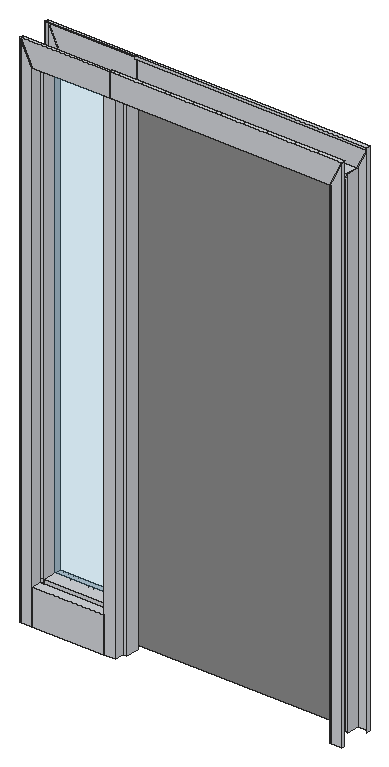
Revit family "Ext-F-MDMF-36 x 84-18 RSLT-4 Head", category Doors, host Wall, Revit 2014
Parameters (values of type "Ext-F-MDMF-36" x 84"-18"RSLT-4" Head")
  Width = Door Panel Width  # 3' - 0"
  Wall Thickness [instance] = 0' - 5 3/4"
  URL = ""
  Type Comments = "EXT,"
  Thickness = 0' - 1 3/4"
  Swing Angle [instance] = 90.00°
  Sidelite Width = P2 Width - 0' 2"  # 1' - 0"
  SDI Right Sidelite Width = Sidelite Width  # 1' - 0"
  SDI RO Spacing = 0' - 0"
  SDI Panel 1 Width = Leaf Width + 0' 0 3/16"  # 3' - 0"
  SDI No Panels = ""
  SDI HW Set [instance] = ""
  SDI HW Item LO-2 [instance] = ""
  SDI HW Item LO-1 [instance] = ""
  SDI HW Item KP-2 [instance] = ""
  SDI HW Item KP-1 [instance] = ""
  SDI HW Item HI-2 [instance] = ""
  SDI HW Item HI-1 [instance] = ""
  SDI HW Item HC-2 [instance] = ""
  SDI HW Item HC-1 [instance] = ""
  SDI HW Item ED-2 [instance] = ""
  SDI HW Item ED-1 [instance] = ""
  SDI HW Item DO-2 [instance] = ""
  SDI HW Item DO-1 [instance] = ""
  SDI HW Item CL-2 [instance] = ""
  SDI HW Item CL-1 [instance] = ""
  SDI Glass Material = Glass
  SDI Frame Type = "Right Sidelite"
  SDI Frame Sill Width = 0' - 6"
  SDI Frame Material Type = "Hollow Metal"
  SDI Frame Material = Paint - Generic - Prime
  SDI Frame Manufacturer = ""
  SDI Frame Jamb Width = 0' - 2"
  SDI Frame Head Width = 0' - 4"
  SDI Frame Finish Type = "Painted"
  SDI Frame Finish Color = "Prime"
  SDI Frame Depth [instance] = 0' - 5 3/4"
  SDI Family Version = "1.0"
  SDI Door Panel Type = "F"
  SDI Door Material Type = "Hollow Metal"
  SDI Door Material = Paint - Generic - Prime
  SDI Door Manufacturer = ""
  SDI Door Finish Type = "Painted"
  SDI Door Finish Color = "Prime"
  SDI Door Configuration = "SG"
  SDI Arch Frame Type [instance] = ""
  SDI Arch Frame Material Type [instance] = "HM"
  SDI Arch Door Panel Type [instance] = "F"
  SDI Arch Door Material Type [instance] = "HM"
  SDI Adjacent Wall Placement = 0' - 4"
  Rough Width = Frame Width - 0' 0" + 2 * SDI RO Spacing  # 4' - 6"
  Rough Height = Frame Height - 0' 0" + SDI RO Spacing  # 7' - 4"
  R1 Height = 7' - 2"
  P2 Width = 1' - 2"
  P1 Width = 3' - 2"
  Model = "Ext-F-MDMF-36\" x 84\"-18\"RSLT-4\" Head"
  Manufacturer = ""
  Leaf Width = P1 Width - 0' 2 3/16"  # 2' - 11 13/16"
  Height = Door Panel Height  # 7' - 0"
  Glass Offset [instance] = 0' 2 1/16" + (SDI Frame Depth - 0' 5 3/4") / 2  # 0' - 2 1/16"
  Function = Exterior
  Frame Width = P1 Width + P2 Width + 0' 2"  # 4' - 6"
  Frame Offset [instance] = if(Aligned Exterior, SDI Frame Depth / 2, if(Aligned Center, Wall Thickness / 2, if(Aligned Interior, Wall Thickness - SDI Frame Depth + SDI Frame Depth / 2, Aligned Other)))  # 0' - 2 7/8"
  Frame Height = R1 Height + 0' 2"  # 7' - 4"
  Fire Rating = ""
  Exterior Glazing [instance] = no
  Door Panel Width = P1 Width - 0' 2"  # 3' - 0"
  Door Panel Height = R1 Height + 0' 2" - (0' 4")  # 7' - 0"
  Door Offset [instance] = 0' 2 13/16" + (SDI Frame Depth - 0' 5 3/4") / 2  # 0' - 2 13/16"
  Description = "Hollow Metal Door with Hollow Metal Frame"
  Cost = 0
  Assembly Code = "B2030220"
  Analytic Construction = "<None>"
  Aligned Other [instance] = 0' - 0"
  Aligned Interior [instance] = no
  Aligned Exterior [instance] = yes
  Aligned Center [instance] = no
  ADA Clearance Lines = no
Reference planes (in)
  plane 1: y = 0
  plane 2 "Center (Left/Right)": x = 0
  plane 3 "Wall Edge": y = 2.875
  plane 4 "Wall Interior": y = -2.875
  plane 5 "ModelRefLevel": z = 0
  plane 6 "FrameDepthPlane": y = 0
  plane 7 "FrameFront": y = 2.875
  plane 8 "FrameBack": y = -2.875
  plane 9 "V0": x = 26
  plane 10 "V1": x = -12
  plane 11 "V2": x = -26
  plane 12 "H0": z = 1
  plane 13 "H1": z = 87
  plane 14 "InTermLeftJamb0": x = 25
  plane 15 "OutTermLeftJamb0": x = 27
  plane 16 "OutsideJamb1": x = -13
  plane 17 "InsideJamb1": x = -11
  plane 18 "InTermRightJamb2": x = -25
  plane 19 "OutTermRightJamb2": x = -27
  plane 20 "D0.151041666666667": y = 1.0625
  plane 21 "D0.109375": y = 1.5625
  plane 22 "DoorLeft": x = 25
  plane 23 "DoorRight": x = -11
  plane 24 "DoorCenter": x = 7
  plane 25 "DoorTop": z = 83.875
  plane 26 "DoorCenterTB": z = 41.9375
  plane 27 "DoorExtFace": y = 2.8125
  plane 28 "DoorGlassFace": y = 2.0625
  plane 29 "LockCenterLine": z = 41.3125
  plane 30 "ActDoorLeft": x = 24.90625
  plane 31 "SwingClrPlane": y = 62.875
  plane 32 "SwingPartialPlane": y = 50.875
  plane 33 "LeftAdjWall": x = 31
Forms (in)
  Extrusion 1, solid
    sketch origin (145.6875, 0, 44) x (-1, 0, 0) y (0, -1, 0)
      loop
        line (118.6875, -2.375) -> (118.6875, -2.875) -> (120.6875, -2.875) -> (120.6875, -0.9375) -> (121.3125, -0.9375) -> (121.3125, 1.3125) -> (120.6875, 1.3125) -> (120.6875, 2.875) -> (118.6875, 2.875) -> (118.6875, 2.4375) -> (118.75, 2.4375) -> (118.75, 2.8125) -> (120.625, 2.8125) -> (120.625, 1.25) -> (121.25, 1.25) -> (121.25, -0.875) -> (120.625, -0.875) -> (120.625, -2.8125) -> (118.75, -2.8125) -> (118.75, -2.375) -> (118.6875, -2.375)
    from -44 to 44
  Extrusion 2, void
    sketch origin (0, 2.875, 0) x (1, 0, 0) y (0, 0, 1)
      loop
        line (27, 88) -> (24.375, 88) -> (24.375, 82.75) -> (27, 88)
    from -12 to 12
  Extrusion 3, solid
    sketch origin (108, 0, 42) x (-1, 0, 0) y (0, -1, 0)
      loop
        line (121, -0.9375) -> (121.625, -0.9375) -> (121.625, 1.3125) -> (121, 1.3125) -> (121, 2.875) -> (119, 2.875) -> (119, 1.3125) -> (118.375, 1.3125) -> (118.375, -0.9375) -> (119, -0.9375) -> (119, -2.875) -> (121, -2.875) -> (121, -0.9375)
      loop
        line (120.9375, -0.875) -> (121.5625, -0.875) -> (121.5625, 1.25) -> (120.9375, 1.25) -> (120.9375, 2.8125) -> (119.0625, 2.8125) -> (119.0625, 1.25) -> (118.4375, 1.25) -> (118.4375, -0.875) -> (119.0625, -0.875) -> (119.0625, -2.8125) -> (120.9375, -2.8125) -> (120.9375, -0.875)
    from -42 to 42
  Extrusion 4, solid
    sketch origin (94.3125, 0, 44) x (-1, 0, 0) y (0, -1, 0)
      loop
        line (121.25, -2.375) -> (121.25, -2.8125) -> (119.375, -2.8125) -> (119.375, -0.875) -> (118.75, -0.875) -> (118.75, 1.25) -> (119.375, 1.25) -> (119.375, 2.8125) -> (121.25, 2.8125) -> (121.25, 2.4375) -> (121.3125, 2.4375) -> (121.3125, 2.875) -> (119.3125, 2.875) -> (119.3125, 1.3125) -> (118.6875, 1.3125) -> (118.6875, -0.9375) -> (119.3125, -0.9375) -> (119.3125, -2.875) -> (121.3125, -2.875) -> (121.3125, -2.375) -> (121.25, -2.375)
    from -44 to 44
  Extrusion 5, void
    sketch origin (0, 2.875, 0) x (1, 0, 0) y (0, 0, 1)
      loop
        line (-27, 88) -> (-24.375, 82.75) -> (-24.375, 88) -> (-27, 88)
    from -12 to 12
  Extrusion 6, solid
    sketch origin (-19, 0, 3.3125) x (0, 1, 0) y (0, 0, 1)
      loop
        line (2.375, -3.3125) -> (2.875, -3.3125) -> (2.875, 2.6875) -> (0.9375, 2.6875) -> (0.9375, 3.3125) -> (-1.3125, 3.3125) -> (-1.3125, 2.6875) -> (-2.875, 2.6875) -> (-2.875, -3.3125) -> (-2.4375, -3.3125) -> (-2.4375, -3.25) -> (-2.8125, -3.25) -> (-2.8125, 2.625) -> (-1.25, 2.625) -> (-1.25, 3.25) -> (0.875, 3.25) -> (0.875, 2.625) -> (2.8125, 2.625) -> (2.8125, -3.25) -> (2.375, -3.25) -> (2.375, -3.3125)
    from -6 to 6
  Extrusion 7, solid
    sketch origin (7.5, 0, 85.6875) x (0, 1, 0) y (0, 0, 1)
      loop
        line (2.4375, 1.9375) -> (2.4375, 2.25) -> (2.8125, 2.25) -> (2.8125, -1.625) -> (0.875, -1.625) -> (0.875, -2.25) -> (-1.25, -2.25) -> (-1.25, -1.625) -> (-2.8125, -1.625) -> (-2.8125, 2.25) -> (-2.4375, 2.25) -> (-2.4375, 1.9375) -> (-2.375, 1.9375) -> (-2.375, 2.3125) -> (-2.875, 2.3125) -> (-2.875, -1.6875) -> (-1.3125, -1.6875) -> (-1.3125, -2.3125) -> (0.9375, -2.3125) -> (0.9375, -1.6875) -> (2.875, -1.6875) -> (2.875, 2.3125) -> (2.375, 2.3125) -> (2.375, 1.9375) -> (2.4375, 1.9375)
    from -19.5 to 19.5
  Extrusion 8, void
    sketch origin (0, 2.875, 0) x (1, 0, 0) y (0, 0, 1)
      loop
        line (27, 88) -> (24.6875, 83.375) -> (27, 83.375) -> (27, 88)
    from -12 to 12
  Extrusion 9, solid
    sketch origin (-19.5, 0, 85.6875) x (0, 1, 0) y (0, 0, 1)
      loop
        line (2.375, 2.25) -> (2.8125, 2.25) -> (2.8125, -1.625) -> (0.875, -1.625) -> (0.875, -2.25) -> (-1.25, -2.25) -> (-1.25, -1.625) -> (-2.8125, -1.625) -> (-2.8125, 2.25) -> (-2.4375, 2.25) -> (-2.4375, 2.3125) -> (-2.875, 2.3125) -> (-2.875, -1.6875) -> (-1.3125, -1.6875) -> (-1.3125, -2.3125) -> (0.9375, -2.3125) -> (0.9375, -1.6875) -> (2.875, -1.6875) -> (2.875, 2.3125) -> (2.375, 2.3125) -> (2.375, 2.25)
    from -7.5 to 7.5
  Extrusion 10, void
    sketch origin (0, 2.875, 0) x (1, 0, 0) y (0, 0, 1)
      loop
        line (-27, 88) -> (-27, 83.375) -> (-24.6875, 83.375) -> (-27, 88)
    from -12 to 12
  Extrusion 11, solid, material "Glass" <- "SDI Glass Material"
    sketch origin (-60, 1.0625, -12) x (1, 0, 0) y (0, 0, 1)
      loop
        line (47, 18) -> (47, 96) -> (35, 96) -> (35, 18) -> (47, 18)
    from -0.125 to 0.125
  Extrusion 12, solid, material "Glass" <- "SDI Glass Material", visible <- "Exterior Glazing"
    sketch origin (-60, 1.5625, -12) x (1, 0, 0) y (0, 0, 1)
      loop
        line (47, 18) -> (47, 96) -> (35, 96) -> (35, 18) -> (47, 18)
    from -0.125 to 0.125
  Extrusion 13, solid, material "Paint - Generic - Prime" <- "SDI Door Material"
    sketch origin (-60, 2.8125, -12) x (1, 0, 0) y (0, 0, 1)
      loop
        line (84.90625, 12.625) -> (84.90625, 95.875) -> (49.09375, 95.875) -> (49.09375, 12.625) -> (84.90625, 12.625)
    from 0 to 1.75
Cuts and joins
  Extrusion 2 cuts Extrusion 1
  Extrusion 5 cuts Extrusion 4
  Extrusion 8 cuts Extrusion 7
  Extrusion 10 cuts Extrusion 9
Lines and regions (in)
  Opening 1
    outline origin (-60, -2.875, 0) x (1, 0, 0) y (0, 0, 1)
      loop
        line (87, 0) -> (87, 88) -> (33, 88) -> (33, 0) -> (87, 0)
  symbolic lines, style "DoorsFrameMullionProjection", detail levels fine
    curve 1: line (27, 2.375, 0) -> (27, 2.875, 0)
    curve 2: line (27, 2.875, 0) -> (25, 2.875, 0)
    curve 3: line (25, 2.875, 0) -> (25, 0.9375, 0)
    curve 4: line (25, 0.9375, 0) -> (24.375, 0.9375, 0)
    curve 5: line (24.375, 0.9375, 0) -> (24.375, -1.3125, 0)
    curve 6: line (24.375, -1.3125, 0) -> (25, -1.3125, 0)
    curve 7: line (25, -1.3125, 0) -> (25, -2.875, 0)
    curve 8: line (25, -2.875, 0) -> (27, -2.875, 0)
    curve 9: line (27, -2.875, 0) -> (27, -2.4375, 0)
    curve 10: line (27, -2.4375, 0) -> (26.9375, -2.4375, 0)
    curve 11: line (26.9375, -2.4375, 0) -> (26.9375, -2.8125, 0)
    curve 12: line (26.9375, -2.8125, 0) -> (25.0625, -2.8125, 0)
    curve 13: line (25.0625, -2.8125, 0) -> (25.0625, -1.25, 0)
    curve 14: line (25.0625, -1.25, 0) -> (24.4375, -1.25, 0)
    curve 15: line (24.4375, -1.25, 0) -> (24.4375, 0.875, 0)
    curve 16: line (24.4375, 0.875, 0) -> (25.0625, 0.875, 0)
    curve 17: line (25.0625, 0.875, 0) -> (25.0625, 2.8125, 0)
    curve 18: line (25.0625, 2.8125, 0) -> (26.9375, 2.8125, 0)
    curve 19: line (26.9375, 2.8125, 0) -> (26.9375, 2.375, 0)
    curve 20: line (26.9375, 2.375, 0) -> (27, 2.375, 0)
    curve 25: line (-13, 0.9375, 0) -> (-13.625, 0.9375, 0)
    curve 26: line (-13.625, 0.9375, 0) -> (-13.625, -1.3125, 0)
    curve 27: line (-13.625, -1.3125, 0) -> (-13, -1.3125, 0)
    curve 28: line (-13, -1.3125, 0) -> (-13, -2.875, 0)
    curve 29: line (-13, -2.875, 0) -> (-11, -2.875, 0)
    curve 30: line (-11, -2.875, 0) -> (-11, -1.3125, 0)
    curve 31: line (-11, -1.3125, 0) -> (-10.375, -1.3125, 0)
    curve 32: line (-10.375, -1.3125, 0) -> (-10.375, 0.9375, 0)
    curve 33: line (-10.375, 0.9375, 0) -> (-11, 0.9375, 0)
    curve 34: line (-11, 0.9375, 0) -> (-11, 2.875, 0)
    curve 35: line (-11, 2.875, 0) -> (-13, 2.875, 0)
    curve 36: line (-13, 2.875, 0) -> (-13, 0.9375, 0)
    curve 37: line (-12.9375, 0.875, 0) -> (-13.5625, 0.875, 0)
    curve 38: line (-13.5625, 0.875, 0) -> (-13.5625, -1.25, 0)
    curve 39: line (-13.5625, -1.25, 0) -> (-12.9375, -1.25, 0)
    curve 40: line (-12.9375, -1.25, 0) -> (-12.9375, -2.8125, 0)
    curve 41: line (-12.9375, -2.8125, 0) -> (-11.0625, -2.8125, 0)
    curve 42: line (-11.0625, -2.8125, 0) -> (-11.0625, -1.25, 0)
    curve 43: line (-11.0625, -1.25, 0) -> (-10.4375, -1.25, 0)
    curve 44: line (-10.4375, -1.25, 0) -> (-10.4375, 0.875, 0)
    curve 45: line (-10.4375, 0.875, 0) -> (-11.0625, 0.875, 0)
    curve 46: line (-11.0625, 0.875, 0) -> (-11.0625, 2.8125, 0)
    curve 47: line (-11.0625, 2.8125, 0) -> (-12.9375, 2.8125, 0)
    curve 48: line (-12.9375, 2.8125, 0) -> (-12.9375, 0.875, 0)
    curve 53: line (-26.9375, 2.375, 0) -> (-26.9375, 2.8125, 0)
    curve 54: line (-26.9375, 2.8125, 0) -> (-25.0625, 2.8125, 0)
    curve 55: line (-25.0625, 2.8125, 0) -> (-25.0625, 0.875, 0)
    curve 56: line (-25.0625, 0.875, 0) -> (-24.4375, 0.875, 0)
    curve 57: line (-24.4375, 0.875, 0) -> (-24.4375, -1.25, 0)
    curve 58: line (-24.4375, -1.25, 0) -> (-25.0625, -1.25, 0)
    curve 59: line (-25.0625, -1.25, 0) -> (-25.0625, -2.8125, 0)
    curve 60: line (-25.0625, -2.8125, 0) -> (-26.9375, -2.8125, 0)
    curve 61: line (-26.9375, -2.8125, 0) -> (-26.9375, -2.4375, 0)
    curve 62: line (-26.9375, -2.4375, 0) -> (-27, -2.4375, 0)
    curve 63: line (-27, -2.4375, 0) -> (-27, -2.875, 0)
    curve 64: line (-27, -2.875, 0) -> (-25, -2.875, 0)
    curve 65: line (-25, -2.875, 0) -> (-25, -1.3125, 0)
    curve 66: line (-25, -1.3125, 0) -> (-24.375, -1.3125, 0)
    curve 67: line (-24.375, -1.3125, 0) -> (-24.375, 0.9375, 0)
    curve 68: line (-24.375, 0.9375, 0) -> (-25, 0.9375, 0)
    curve 69: line (-25, 0.9375, 0) -> (-25, 2.875, 0)
    curve 70: line (-25, 2.875, 0) -> (-27, 2.875, 0)
    curve 71: line (-27, 2.875, 0) -> (-27, 2.375, 0)
    curve 72: line (-27, 2.375, 0) -> (-26.9375, 2.375, 0)
  symbolic lines, style "DoorsFrameMullionProjection", detail levels coarse+medium
    curve 21: line (25, -2.875, 0) -> (27, -2.875, 0)
    curve 22: line (25, 2.875, 0) -> (27, 2.875, 0)
    curve 23: line (25, -2.875, 0) -> (25, 2.875, 0)
    curve 24: line (27, -2.875, 0) -> (27, 2.875, 0)
    curve 49: line (-13, -2.875, 0) -> (-11, -2.875, 0)
    curve 50: line (-13, 2.875, 0) -> (-11, 2.875, 0)
    curve 51: line (-13, -2.875, 0) -> (-13, 2.875, 0)
    curve 52: line (-11, -2.875, 0) -> (-11, 2.875, 0)
    curve 73: line (-27, -2.875, 0) -> (-25, -2.875, 0)
    curve 74: line (-27, 2.875, 0) -> (-25, 2.875, 0)
    curve 75: line (-27, -2.875, 0) -> (-27, 2.875, 0)
    curve 76: line (-25, -2.875, 0) -> (-25, 2.875, 0)
  symbolic lines, style "Elevation Swing"
    curve 77: line (-10.90625, 2.875, 83.875) -> (24.90625, 2.875, 41.9375)
    curve 78: line (-10.90625, 2.875, 0) -> (24.90625, 2.875, 41.9375)
  symbolic lines, style "ADA Clearance", visible <- "ADA Clearance Lines"
    curve 79: line (27, 2.875, 0) -> (27, 62.875, 0)
    curve 80: line (-29, 62.875, 0) -> (27, 62.875, 0)
    curve 81: line (-29, 50.875, 0) -> (27, 50.875, 0)
    curve 82: line (-29, 2.875, 0) -> (-29, 62.875, 0)
    curve 83: line (27, -2.875, 0) -> (27, -50.875, 0)
    curve 84: line (-23, -50.875, 0) -> (27, -50.875, 0)
    curve 85: line (-23, -2.875, 0) -> (-23, -50.875, 0)
Text (in)
  text "Placement Side" at (0, 40.15149, 123.01588), in view "Right"
  text "Placement Side" at (-70.3804, 28.46503, 0), in view "Ref. Level"
  text "Placement Side" at (0, 81.62555, 140.59947), in view "Left"
Dimensions and locks (in)
  locked: plane 3 "Wall Edge" to host wall
  equal spacing: host wall, plane 2 "Center (Left/Right)", host wall
  "Rough Width": host wall to host wall
  "Rough Height": level to host wall
  equal spacing: plane 3 "Wall Edge", plane 1, plane 4 "Wall Interior"
  "Wall Thickness": host wall to host wall
  "Frame Offset": plane 3 "Wall Edge" to plane 6 "FrameDepthPlane"
  equal spacing: plane 7 "FrameFront", plane 6 "FrameDepthPlane", plane 8 "FrameBack"
  "SDI Frame Depth": plane 7 "FrameFront" to plane 8 "FrameBack"
  equal spacing: plane 9 "V0", plane 2 "Center (Left/Right)", plane 11 "V2"
  "P1 Width": plane 9 "V0" to plane 10 "V1"
  "P2 Width": plane 10 "V1" to plane 11 "V2"
  "R1 Height": plane 12 "H0" to plane 13 "H1"
  locked: plane 13 "H1" to Extrusion 1 at 1
  locked: plane 12 "H0" to Extrusion 1 at 1
  locked: plane 9 "V0" to Extrusion 1 at 1  (x4)
  locked: plane 9 "V0" to Extrusion 1 at 0.9375  (x5)
  locked: plane 9 "V0" to Extrusion 1 at 1.5625
  locked: plane 9 "V0" to Extrusion 1 at 1.625
  locked: plane 9 "V0" to curve 1 at 1
  locked: plane 9 "V0" to curve 2 at 1
  locked: plane 9 "V0" to curve 3 at 1
  locked: plane 9 "V0" to curve 4 at 1
  locked: plane 9 "V0" to curve 5 at 1.625
  locked: plane 9 "V0" to curve 6 at 1.625
  locked: plane 9 "V0" to curve 7 at 1
  locked: plane 9 "V0" to curve 8 at 1
  locked: plane 9 "V0" to curve 9 at 1
  locked: plane 9 "V0" to curve 10 at 1
  locked: plane 9 "V0" to curve 11 at 0.9375
  locked: plane 9 "V0" to curve 12 at 0.9375
  locked: plane 9 "V0" to curve 13 at 0.9375
  locked: plane 9 "V0" to curve 14 at 0.9375
  locked: plane 9 "V0" to curve 15 at 1.5625
  locked: plane 9 "V0" to curve 16 at 1.5625
  locked: plane 9 "V0" to curve 17 at 0.9375
  locked: plane 9 "V0" to curve 18 at 0.9375
  locked: plane 9 "V0" to curve 19 at 0.9375
  locked: plane 9 "V0" to curve 20 at 0.9375
  locked: plane 9 "V0" to plane 15 "OutTermLeftJamb0" at 1
  locked: plane 9 "V0" to plane 14 "InTermLeftJamb0" at 1
  locked: plane 9 "V0" to curve 21 at 1
  locked: plane 9 "V0" to curve 22 at 1
  locked: plane 9 "V0" to curve 23 at 1
  locked: plane 9 "V0" to curve 24 at 1
  locked: plane 13 "H1" to Extrusion 3 at 3
  locked: plane 12 "H0" to Extrusion 3 at 1
  locked: plane 10 "V1" to Extrusion 3 at 1  (x5)
  locked: plane 10 "V1" to Extrusion 3 at 1.625  (x2)
  locked: plane 10 "V1" to Extrusion 3 at 1.5625  (x2)
  locked: plane 10 "V1" to Extrusion 3 at 0.9375  (x4)
  locked: plane 10 "V1" to curve 25 at 1
  locked: plane 10 "V1" to curve 26 at 1.625
  locked: plane 10 "V1" to curve 27 at 1.625
  locked: plane 10 "V1" to curve 28 at 1
  locked: plane 10 "V1" to curve 29 at 1
  locked: plane 10 "V1" to curve 30 at 1
  locked: plane 10 "V1" to curve 31 at 1
  locked: plane 10 "V1" to curve 32 at 1.625
  locked: plane 10 "V1" to curve 33 at 1.625
  locked: plane 10 "V1" to curve 34 at 1
  locked: plane 10 "V1" to curve 35 at 1
  locked: plane 10 "V1" to curve 36 at 1
  locked: plane 10 "V1" to curve 37 at 0.9375
  locked: plane 10 "V1" to curve 38 at 1.5625
  locked: plane 10 "V1" to curve 39 at 1.5625
  locked: plane 10 "V1" to curve 40 at 0.9375
  locked: plane 10 "V1" to curve 41 at 0.9375
  locked: plane 10 "V1" to curve 42 at 0.9375
  locked: plane 10 "V1" to curve 43 at 0.9375
  locked: plane 10 "V1" to curve 44 at 1.5625
  locked: plane 10 "V1" to curve 45 at 1.5625
  locked: plane 10 "V1" to curve 46 at 0.9375
  locked: plane 10 "V1" to curve 47 at 0.9375
  locked: plane 10 "V1" to curve 48 at 0.9375
  locked: plane 10 "V1" to plane 16 "OutsideJamb1" at 1
  locked: plane 10 "V1" to plane 17 "InsideJamb1" at 1
  locked: plane 10 "V1" to curve 49 at 1
  locked: plane 10 "V1" to curve 50 at 1
  locked: plane 10 "V1" to curve 51 at 1
  locked: plane 10 "V1" to curve 52 at 1
  locked: plane 13 "H1" to Extrusion 4 at 1
  locked: plane 12 "H0" to Extrusion 4 at 1
  locked: plane 11 "V2" to Extrusion 4 at 0.9375  (x4)
  locked: plane 11 "V2" to Extrusion 4 at 1  (x5)
  locked: plane 11 "V2" to Extrusion 4 at 1.625
  locked: plane 11 "V2" to Extrusion 4 at 1.5625
  locked: plane 11 "V2" to curve 53 at 0.9375
  locked: plane 11 "V2" to curve 54 at 0.9375
  locked: plane 11 "V2" to curve 55 at 0.9375
  locked: plane 11 "V2" to curve 56 at 0.9375
  locked: plane 11 "V2" to curve 57 at 1.5625
  locked: plane 11 "V2" to curve 58 at 1.5625
  locked: plane 11 "V2" to curve 59 at 0.9375
  locked: plane 11 "V2" to curve 60 at 0.9375
  locked: plane 11 "V2" to curve 61 at 0.9375
  locked: plane 11 "V2" to curve 62 at 0.9375
  locked: plane 11 "V2" to curve 63 at 1
  locked: plane 11 "V2" to curve 64 at 1
  locked: plane 11 "V2" to curve 65 at 1
  locked: plane 11 "V2" to curve 66 at 1
  locked: plane 11 "V2" to curve 67 at 1.625
  locked: plane 11 "V2" to curve 68 at 1.625
  locked: plane 11 "V2" to curve 69 at 1
  locked: plane 11 "V2" to curve 70 at 1
  locked: plane 11 "V2" to curve 71 at 1
  locked: plane 11 "V2" to curve 72 at 1
  locked: plane 11 "V2" to plane 18 "InTermRightJamb2" at 1
  locked: plane 11 "V2" to plane 19 "OutTermRightJamb2" at 1
  locked: plane 11 "V2" to curve 73 at 1
  locked: plane 11 "V2" to curve 74 at 1
  locked: plane 11 "V2" to curve 75 at 1
  locked: plane 11 "V2" to curve 76 at 1
  locked: plane 10 "V1" to Extrusion 6 at 1
  locked: plane 11 "V2" to Extrusion 6 at 1
  locked: plane 12 "H0" to Extrusion 6 at 5  (x2)
  locked: plane 12 "H0" to Extrusion 6 at 5.625
  locked: plane 12 "H0" to Extrusion 6 at 0.9375  (x2)
  locked: plane 12 "H0" to Extrusion 6 at 1  (x3)
  locked: plane 12 "H0" to Extrusion 6 at 4.9375  (x2)
  locked: plane 12 "H0" to Extrusion 6 at 5.5625
  locked: plane 9 "V0" to Extrusion 7 at 1
  locked: plane 13 "H1" to Extrusion 7 at 2.9375  (x2)
  locked: plane 13 "H1" to Extrusion 7 at 3.5625
  locked: plane 13 "H1" to Extrusion 7 at 1  (x2)
  locked: plane 13 "H1" to Extrusion 7 at 0.9375  (x3)
  locked: plane 13 "H1" to Extrusion 7 at 0.625  (x2)
  locked: plane 13 "H1" to Extrusion 7 at 3  (x2)
  locked: plane 13 "H1" to Extrusion 7 at 3.625
  locked: plane 11 "V2" to Extrusion 9 at 1
  locked: plane 13 "H1" to Extrusion 9 at 2.9375  (x2)
  locked: plane 13 "H1" to Extrusion 9 at 3.5625
  locked: plane 13 "H1" to Extrusion 9 at 1  (x2)
  locked: plane 13 "H1" to Extrusion 9 at 0.9375  (x3)
  locked: plane 13 "H1" to Extrusion 9 at 3  (x2)
  locked: plane 13 "H1" to Extrusion 9 at 3.625
  locked: plane 7 "FrameFront" to cut or joined group of Extrusion 1, Extrusion 2 at 1.9375
  locked: plane 7 "FrameFront" to cut or joined group of Extrusion 1, Extrusion 2 at 2
  locked: plane 7 "FrameFront" to cut or joined group of Extrusion 1, Extrusion 2 at 0.0625
  locked: plane 7 "FrameFront" to cut or joined group of Extrusion 1, Extrusion 2 at 0.5
  locked: plane 8 "FrameBack" to cut or joined group of Extrusion 1, Extrusion 2 at 1.5625
  locked: plane 8 "FrameBack" to cut or joined group of Extrusion 1, Extrusion 2 at 0.4375
  locked: plane 8 "FrameBack" to cut or joined group of Extrusion 1, Extrusion 2 at 0.0625
  locked: plane 8 "FrameBack" to cut or joined group of Extrusion 1, Extrusion 2 at 1.625
  locked: plane 7 "FrameFront" to Extrusion 3 at 1.9375  (x2)
  locked: plane 7 "FrameFront" to Extrusion 3 at 2  (x2)
  locked: plane 7 "FrameFront" to Extrusion 3 at 0.0625
  locked: plane 8 "FrameBack" to Extrusion 3 at 1.5625  (x2)
  locked: plane 8 "FrameBack" to Extrusion 3 at 1.625  (x2)
  locked: plane 8 "FrameBack" to Extrusion 3 at 0.0625
  locked: plane 7 "FrameFront" to cut or joined group of Extrusion 4, Extrusion 5 at 0.0625
  locked: plane 7 "FrameFront" to cut or joined group of Extrusion 4, Extrusion 5 at 2
  locked: plane 7 "FrameFront" to cut or joined group of Extrusion 4, Extrusion 5 at 1.9375
  locked: plane 7 "FrameFront" to cut or joined group of Extrusion 4, Extrusion 5 at 0.5
  locked: plane 8 "FrameBack" to cut or joined group of Extrusion 4, Extrusion 5 at 1.625
  locked: plane 8 "FrameBack" to cut or joined group of Extrusion 4, Extrusion 5 at 0.0625
  locked: plane 8 "FrameBack" to cut or joined group of Extrusion 4, Extrusion 5 at 0.4375
  locked: plane 8 "FrameBack" to cut or joined group of Extrusion 4, Extrusion 5 at 1.5625
  locked: plane 7 "FrameFront" to Extrusion 6 at 1.9375
  locked: plane 7 "FrameFront" to Extrusion 6 at 2
  locked: plane 7 "FrameFront" to Extrusion 6 at 0.0625
  locked: plane 7 "FrameFront" to Extrusion 6 at 0.5
  locked: plane 8 "FrameBack" to Extrusion 6 at 1.5625
  locked: plane 8 "FrameBack" to Extrusion 6 at 0.4375
  locked: plane 8 "FrameBack" to Extrusion 6 at 0.0625
  locked: plane 8 "FrameBack" to Extrusion 6 at 1.625
  locked: plane 7 "FrameFront" to cut or joined group of Extrusion 7, Extrusion 8 at 0.0625
  locked: plane 7 "FrameFront" to cut or joined group of Extrusion 7, Extrusion 8 at 2
  locked: plane 7 "FrameFront" to cut or joined group of Extrusion 7, Extrusion 8 at 1.9375
  locked: plane 7 "FrameFront" to cut or joined group of Extrusion 7, Extrusion 8 at 0.5
  locked: plane 7 "FrameFront" to cut or joined group of Extrusion 7, Extrusion 8 at 0.4375
  locked: plane 8 "FrameBack" to cut or joined group of Extrusion 7, Extrusion 8 at 1.625
  locked: plane 8 "FrameBack" to cut or joined group of Extrusion 7, Extrusion 8 at 0.0625
  locked: plane 8 "FrameBack" to cut or joined group of Extrusion 7, Extrusion 8 at 0.4375
  locked: plane 8 "FrameBack" to cut or joined group of Extrusion 7, Extrusion 8 at 0.5
  locked: plane 8 "FrameBack" to cut or joined group of Extrusion 7, Extrusion 8 at 1.5625
  locked: plane 7 "FrameFront" to cut or joined group of Extrusion 9, Extrusion 10 at 0.0625
  locked: plane 7 "FrameFront" to cut or joined group of Extrusion 9, Extrusion 10 at 2
  locked: plane 7 "FrameFront" to cut or joined group of Extrusion 9, Extrusion 10 at 1.9375
  locked: plane 7 "FrameFront" to cut or joined group of Extrusion 9, Extrusion 10 at 0.5
  locked: plane 8 "FrameBack" to cut or joined group of Extrusion 9, Extrusion 10 at 1.625
  locked: plane 8 "FrameBack" to cut or joined group of Extrusion 9, Extrusion 10 at 0.0625
  locked: plane 8 "FrameBack" to cut or joined group of Extrusion 9, Extrusion 10 at 0.4375
  locked: plane 8 "FrameBack" to cut or joined group of Extrusion 9, Extrusion 10 at 1.5625
  locked: plane 7 "FrameFront" to curve 4 at 1.9375
  locked: plane 7 "FrameFront" to curve 16 at 2
  locked: plane 7 "FrameFront" to curve 18 at 0.0625
  locked: plane 7 "FrameFront" to curve 20 at 0.5
  locked: plane 7 "FrameFront" to curve 25 at 1.9375
  locked: plane 7 "FrameFront" to curve 33 at 1.9375
  locked: plane 7 "FrameFront" to curve 37 at 2
  locked: plane 7 "FrameFront" to curve 45 at 2
  locked: plane 7 "FrameFront" to curve 47 at 0.0625
  locked: plane 7 "FrameFront" to curve 54 at 0.0625
  locked: plane 7 "FrameFront" to curve 56 at 2
  locked: plane 7 "FrameFront" to curve 68 at 1.9375
  locked: plane 7 "FrameFront" to curve 72 at 0.5
  locked: plane 8 "FrameBack" to curve 6 at 1.5625
  locked: plane 8 "FrameBack" to curve 10 at 0.4375
  locked: plane 8 "FrameBack" to curve 12 at 0.0625
  locked: plane 8 "FrameBack" to curve 14 at 1.625
  locked: plane 8 "FrameBack" to curve 27 at 1.5625
  locked: plane 8 "FrameBack" to curve 31 at 1.5625
  locked: plane 8 "FrameBack" to curve 39 at 1.625
  locked: plane 8 "FrameBack" to curve 41 at 0.0625
  locked: plane 8 "FrameBack" to curve 43 at 1.625
  locked: plane 8 "FrameBack" to curve 58 at 1.625
  locked: plane 8 "FrameBack" to curve 60 at 0.0625
  locked: plane 8 "FrameBack" to curve 62 at 0.4375
  locked: plane 8 "FrameBack" to curve 66 at 1.5625
  locked: plane 7 "FrameFront" to Extrusion 11 at 1.9375
  locked: plane 7 "FrameFront" to Extrusion 11 at 1.6875
  locked: plane 7 "FrameFront" to Extrusion 12 at 1.4375
  locked: plane 7 "FrameFront" to Extrusion 12 at 1.1875
  locked: plane 9 "V0" to plane 22 "DoorLeft" at 1
  locked: plane 10 "V1" to plane 23 "DoorRight" at 1
  locked: plane 13 "H1" to plane 25 "DoorTop" at 3.125
  equal spacing: plane 25 "DoorTop", plane 26 "DoorCenterTB", plane 5 "ModelRefLevel"
  "Door Offset": plane 6 "FrameDepthPlane" to plane 27 "DoorExtFace"
  "Glass Offset": plane 6 "FrameDepthPlane" to plane 28 "DoorGlassFace"
  locked: plane 29 "LockCenterLine" to plane 5 "ModelRefLevel" at 41.3125
  locked: Extrusion 13 to Extrusion 13 at 1.75
  locked: plane 22 "DoorLeft" to Extrusion 13 at 0.09375
  locked: plane 23 "DoorRight" to Extrusion 13 at 0.09375
  locked: plane 5 "ModelRefLevel" to Extrusion 13 at 0.625
  locked: plane 22 "DoorLeft" to plane 30 "ActDoorLeft" at 0.09375
  locked: plane 3 "Wall Edge" to plane 31 "SwingClrPlane" at 60
  locked: plane 3 "Wall Edge" to plane 32 "SwingPartialPlane" at 48
  "SDI Adjacent Wall Placement": plane 15 "OutTermLeftJamb0" to plane 33 "LeftAdjWall"
  aligned and locked: plane 4 "Wall Interior" to host wall
  aligned and locked: Extrusion 7 to plane 10 "V1"
  aligned and locked: plane 10 "V1" to Extrusion 9
  aligned and locked: cut or joined group of Extrusion 1, Extrusion 2 to plane 7 "FrameFront"
  aligned and locked: plane 8 "FrameBack" to cut or joined group of Extrusion 1, Extrusion 2
  aligned and locked: Extrusion 3 to plane 7 "FrameFront"
  aligned and locked: plane 8 "FrameBack" to Extrusion 3
  aligned and locked: cut or joined group of Extrusion 4, Extrusion 5 to plane 7 "FrameFront"
  aligned and locked: plane 8 "FrameBack" to cut or joined group of Extrusion 4, Extrusion 5
  aligned and locked: Extrusion 6 to plane 7 "FrameFront"
  aligned and locked: plane 8 "FrameBack" to Extrusion 6
  aligned and locked: cut or joined group of Extrusion 7, Extrusion 8 to plane 7 "FrameFront"
  aligned and locked: plane 8 "FrameBack" to cut or joined group of Extrusion 7, Extrusion 8
  aligned and locked: cut or joined group of Extrusion 9, Extrusion 10 to plane 7 "FrameFront"
  aligned and locked: plane 8 "FrameBack" to cut or joined group of Extrusion 9, Extrusion 10
  aligned and locked: curve 2 to plane 7 "FrameFront"
  aligned and locked: plane 7 "FrameFront" to curve 22
  aligned and locked: curve 35 to plane 7 "FrameFront"
  aligned and locked: plane 7 "FrameFront" to curve 50
  aligned and locked: curve 70 to plane 7 "FrameFront"
  aligned and locked: plane 7 "FrameFront" to curve 74
  aligned and locked: plane 8 "FrameBack" to curve 8
  aligned and locked: plane 8 "FrameBack" to curve 29
  aligned and locked: plane 8 "FrameBack" to curve 64
  aligned and locked: Extrusion 13 to plane 27 "DoorExtFace"
  aligned and locked: Extrusion 13 to plane 25 "DoorTop"
  aligned and locked: plane 7 "FrameFront" to nested 1
  aligned and locked: plane 30 "ActDoorLeft" to nested 1
  aligned and locked: plane 31 "SwingClrPlane" to curve 80
  aligned and locked: plane 32 "SwingPartialPlane" to curve 81
Automatic sketch dimensions
  Opening 1 sketch curve to level = 0' - 0"
  Opening 1 sketch curve to plane 2 "Center (Left/Right)" = 2' - 3"
  plane 2 "Center (Left/Right)" to Opening 1 sketch curve = 2' - 3"
  level to Opening 1 sketch curve = 7' - 4"
  Extrusion 2 sketch curve to plane 9 "V0" = 0' - 1 5/8"
  plane 9 "V0" to Extrusion 2 sketch curve = 0' - 1"
  plane 13 "H1" to Extrusion 2 sketch curve = 0' - 4 1/4"
  Extrusion 2 sketch curve to plane 13 "H1" = 0' - 1"
  Extrusion 1 sketch curve to host wall = 0' - 0"
  host wall to Extrusion 1 sketch curve = 0' - 0"
  Extrusion 1 sketch curve to host wall = 0' - 0 1/2"
  plane 2 "Center (Left/Right)" to Extrusion 1 sketch curve = 2' - 3"  (x2)
  Extrusion 1 sketch curve to host wall = 0' - 0 7/16"
  Extrusion 1 sketch curve to Extrusion 1 sketch curve = 0' - 0 1/16"  (x7)
  plane 2 "Center (Left/Right)" to Extrusion 1 sketch curve = 2' - 1 1/16"  (x2)
  Extrusion 1 sketch curve to host wall = 0' - 0 1/16"  (x2)
  Extrusion 1 sketch curve to Extrusion 1 sketch curve = 0' - 0 9/16"
  Extrusion 1 sketch curve to host wall = 0' - 0 15/16"
  host wall to Extrusion 1 sketch curve = 0' - 1 1/4"
  plane 9 "V0" to curve 1 = 0' - 1"
  curve 3 to curve 4 = 0' - 0 5/8"
  curve 7 to plane 9 "V0" = 0' - 1"
  curve 9 to curve 10 = 0' - 0 1/16"
  curve 12 to curve 7 = 0' - 0 1/16"
  curve 14 to curve 5 = 0' - 0 1/16"
  curve 16 to curve 3 = 0' - 0 1/16"
  curve 1 to curve 18 = 0' - 0 1/16"
  host wall to Extrusion 3 sketch curve = 0' - 0"
  Extrusion 3 sketch curve to host wall = 0' - 0"
  Extrusion 3 sketch curve to plane 2 "Center (Left/Right)" = 0' - 10 3/8"
  Extrusion 3 sketch curve to Extrusion 3 sketch curve = 0' - 0 1/16"  (x10)
  Extrusion 3 sketch curve to Extrusion 3 sketch curve = 0' - 0 9/16"  (x2)
  Extrusion 3 sketch curve to plane 2 "Center (Left/Right)" = 0' - 11"
  Extrusion 3 sketch curve to host wall = 0' - 0 1/16"  (x2)
  Extrusion 3 sketch curve to plane 2 "Center (Left/Right)" = 1' - 0 15/16"  (x2)
  Extrusion 3 sketch curve to host wall = 0' - 0 15/16"  (x2)
  host wall to Extrusion 3 sketch curve = 0' - 1 1/4"  (x2)
  curve 27 to curve 26 = 0' - 0 5/8"
  curve 31 to curve 30 = 0' - 0 5/8"
  curve 37 to curve 36 = 0' - 0 1/16"
  curve 37 to curve 25 = 0' - 0 1/16"
  curve 39 to curve 27 = 0' - 0 1/16"
  curve 29 to curve 41 = 0' - 0 1/16"
  curve 31 to curve 43 = 0' - 0 1/16"
  curve 33 to curve 45 = 0' - 0 1/16"
  curve 50 to plane 17 "InsideJamb1" = 0' - 0"
  curve 50 to plane 16 "OutsideJamb1" = 0' - 0"
  Extrusion 5 sketch curve to plane 11 "V2" = 0' - 1"
  plane 11 "V2" to Extrusion 5 sketch curve = 0' - 1 5/8"
  plane 13 "H1" to Extrusion 5 sketch curve = 0' - 4 1/4"
  Extrusion 5 sketch curve to plane 13 "H1" = 0' - 1"
  host wall to Extrusion 4 sketch curve = 0' - 0"
  Extrusion 4 sketch curve to host wall = 0' - 0"
  Extrusion 4 sketch curve to plane 2 "Center (Left/Right)" = 2' - 0 3/8"
  Extrusion 4 sketch curve to Extrusion 4 sketch curve = 0' - 0 1/16"  (x7)
  Extrusion 4 sketch curve to Extrusion 4 sketch curve = 0' - 0 9/16"  (x2)
  Extrusion 4 sketch curve to host wall = 0' - 0 7/16"
  Extrusion 4 sketch curve to plane 2 "Center (Left/Right)" = 2' - 2 15/16"  (x2)
  Extrusion 4 sketch curve to host wall = 0' - 0 1/2"
  Extrusion 4 sketch curve to host wall = 0' - 0 1/16"  (x2)
  Extrusion 4 sketch curve to host wall = 0' - 0 15/16"
  host wall to Extrusion 4 sketch curve = 0' - 1 1/4"
  plane 11 "V2" to curve 54 = 0' - 0 15/16"
  curve 56 to curve 55 = 0' - 0 5/8"
  curve 60 to plane 11 "V2" = 0' - 0 15/16"
  curve 61 to curve 62 = 0' - 0 1/16"
  curve 65 to curve 58 = 0' - 0 1/16"
  curve 66 to curve 57 = 0' - 0 1/16"
  curve 68 to curve 55 = 0' - 0 1/16"
  curve 53 to curve 70 = 0' - 0 1/16"
  Extrusion 6 sketch curve to host wall = 0' - 0"  (x2)
  Extrusion 6 sketch curve to host wall = 0' - 0 1/16"  (x2)
  Extrusion 6 sketch curve to Extrusion 6 sketch curve = 0' - 0 3/8"
  host wall to Extrusion 6 sketch curve = 0' - 1 5/16"
  Extrusion 6 sketch curve to Extrusion 6 sketch curve = 0' - 0 1/16"  (x7)
  Extrusion 6 sketch curve to host wall = 0' - 0 7/8"
  Extrusion 6 sketch curve to Extrusion 6 sketch curve = 0' - 0 1/2"
  Extrusion 6 sketch curve to level = 0' - 0"  (x2)
  Extrusion 6 sketch curve to plane 12 "H0" = 0' - 4 15/16"  (x2)
  Extrusion 6 sketch curve to Extrusion 6 sketch curve = 0' - 0 9/16"
  Extrusion 8 sketch curve to plane 15 "OutTermLeftJamb0" = 0' - 0"
  Extrusion 8 sketch curve to plane 14 "InTermLeftJamb0" = 0' - 0 5/16"
  plane 13 "H1" to Extrusion 8 sketch curve = 0' - 3 5/8"
  Extrusion 8 sketch curve to plane 13 "H1" = 0' - 1"
  Extrusion 7 sketch curve to host wall = 0' - 0"  (x2)
  Extrusion 7 sketch curve to host wall = 0' - 0 1/16"  (x2)
  Extrusion 7 sketch curve to host wall = 0' - 0 7/16"
  Extrusion 7 sketch curve to Extrusion 7 sketch curve = 0' - 0 1/16"  (x9)
  host wall to Extrusion 7 sketch curve = 0' - 1 5/16"
  Extrusion 7 sketch curve to host wall = 0' - 0 7/8"
  Extrusion 7 sketch curve to host wall = 0' - 0 1/2"
  level to Extrusion 7 sketch curve = 6' - 11 3/8"
  Extrusion 7 sketch curve to Extrusion 7 sketch curve = 0' - 0 5/8"
  level to Extrusion 7 sketch curve = 7' - 0"
  Extrusion 7 sketch curve to plane 12 "H0" = 7' - 2 5/8"  (x2)
  Extrusion 7 sketch curve to Extrusion 7 sketch curve = 0' - 0 5/16"  (x2)
  Extrusion 10 sketch curve to plane 19 "OutTermRightJamb2" = 0' - 0"
  plane 18 "InTermRightJamb2" to Extrusion 10 sketch curve = 0' - 0 5/16"
  plane 13 "H1" to Extrusion 10 sketch curve = 0' - 3 5/8"
  Extrusion 10 sketch curve to plane 13 "H1" = 0' - 1"
  Extrusion 9 sketch curve to host wall = 0' - 0"  (x2)
  Extrusion 9 sketch curve to host wall = 0' - 0 1/16"  (x2)
  Extrusion 9 sketch curve to Extrusion 9 sketch curve = 0' - 0 3/8"
  host wall to Extrusion 9 sketch curve = 0' - 1 5/16"
  Extrusion 9 sketch curve to Extrusion 9 sketch curve = 0' - 0 1/16"  (x7)
  Extrusion 9 sketch curve to host wall = 0' - 0 7/8"
  Extrusion 9 sketch curve to host wall = 0' - 0 1/2"
  level to Extrusion 9 sketch curve = 6' - 11 3/8"
  Extrusion 9 sketch curve to Extrusion 9 sketch curve = 0' - 0 9/16"  (x2)
  Extrusion 9 sketch curve to plane 12 "H0" = 7' - 2 15/16"  (x2)
  Extrusion 11 sketch curve to plane 18 "InTermRightJamb2" = 0' - 0"
  Extrusion 11 sketch curve to plane 16 "OutsideJamb1" = 0' - 0"
  Extrusion 11 sketch curve to plane 12 "H0" = 0' - 5"
  plane 13 "H1" to Extrusion 11 sketch curve = 0' - 3"
  Extrusion 12 sketch curve to plane 18 "InTermRightJamb2" = 0' - 0"
  Extrusion 12 sketch curve to plane 16 "OutsideJamb1" = 0' - 0"
  Extrusion 12 sketch curve to plane 12 "H0" = 0' - 5"
  plane 13 "H1" to Extrusion 12 sketch curve = 0' - 3"
  Extrusion 13 sketch curve to plane 25 "DoorTop" = 0' - 0"
  plane 17 "InsideJamb1" to Extrusion 13 sketch curve = 0' - 0 3/32"
  Extrusion 13 sketch curve to plane 14 "InTermLeftJamb0" = 0' - 0 3/32"
  plane 12 "H0" to Extrusion 13 sketch curve = 0' - 0 3/8"
  curve 77 to plane 25 "DoorTop" = 0' - 0"
  curve 77 to plane 26 "DoorCenterTB" = 0' - 0"
  plane 17 "InsideJamb1" to curve 77 = 0' - 0 3/32"
  curve 78 to level = 0' - 0"
  curve 78 to plane 30 "ActDoorLeft" = 0' - 0"
  plane 17 "InsideJamb1" to curve 78 = 0' - 0 3/32"
  curve 79 to host wall = 0' - 0"
  curve 81 to plane 15 "OutTermLeftJamb0" = 0' - 0"
  curve 82 to host wall = 0' - 0"
  curve 82 to plane 19 "OutTermRightJamb2" = 0' - 2"
  host wall to curve 83 = 0' - 0"
  host wall to curve 83 = 4' - 0"
  curve 84 to plane 15 "OutTermLeftJamb0" = 0' - 0"
  host wall to curve 85 = 0' - 0"
  plane 18 "InTermRightJamb2" to curve 85 = 0' - 2"
Nested families (in)
  nested 1: "SingleDoorPlanLines" at (24.90625, 2.875, 0.625), type "SingleDoorPlanLines"
Definition of nested family "SingleDoorPlanLines"
  Parameters (values of type "SingleDoorPlanLines")
    Width = 3' - 0"
    URL = ""
    Thickness = 0' - 1 3/4"
    Analytic Construction = "<None>"
    Swing Angle = 90.00°
  Reference planes (in)
    plane 1 "Front": y = 0
    plane 2: z = 0
    plane 3 "Right": x = 0
    plane 4 "Left": x = -36
  Lines and regions (in)
    symbolic lines, style "DoorsPanelProjection"
      curve 1: line (0, 0, 0) -> (0, 36, 0)
      curve 2: line (0, 36, 0) -> (-1.75, 36, 0)
      curve 3: line (-1.75, 36, 0) -> (-1.75, 0, 0)
      curve 4: line (-1.75, 0, 0) -> (0, 0, 0)
    model lines, style "InvisibleLines", not visible
      curve 5: line (0, 0, 0) -> (-38.99851, -0.34033, 0)
    symbolic lines, style "Plan Swing"
      curve 6: arc (-35.99863, -0.31416, 0) -> (-25.56667, 25.34453, 0) -> (0, 36, 0) r 36
  Dimensions and locks (in)
    "Thickness": curve 3 to curve 1
    "Width": curve 2 to curve 4
    "Width": plane 4 "Left" to plane 3 "Right"
    "Swing Angle": angle curve 1 to plane 1 "Front"
    locked: plane 1 "Front" to curve 5 (angle 0.50°)
  Automatic sketch dimensions
    curve 6 to plane 1 "Front" = 0' - 0"
    curve 6 to plane 3 "Right" = 0' - 0"
    curve 4 to plane 1 "Front" = 0' - 0"
    curve 4 to plane 3 "Right" = 0' - 0"
